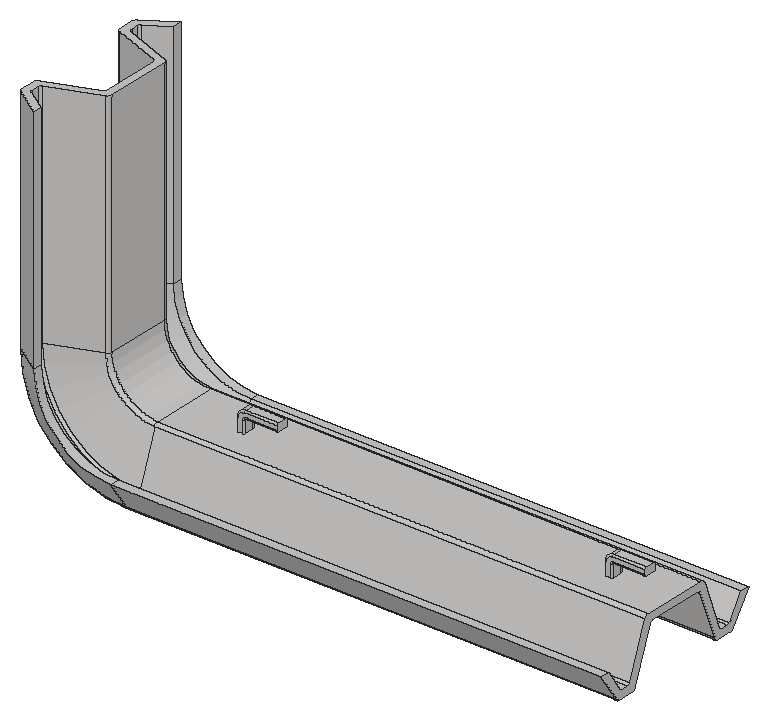
Revit family "E_Cable Tray Support_MEPcontent_OBO Bettermann_Bracket TPSAG FS", category Kabeltrassenformteile, Revit 2018
Family settings
  Bemaßung runder Anschluss = Durchmesser verwenden
  Teiletyp = Kanal - Verbindung
  OmniClass-Nummer = 23.80.30.17.17
  OmniClass-Titel = Cable Trays and Horizontal Racks
  Arbeitsebenenbasiert = Nein
  Immer vertikal = Ja
  Beim Laden mit Abzugskörper schneiden = Nein
  Gemeinsam genutzt = Nein
Parameters (values of type "TPSAG 195 FS")
  Wholesaler Art. No. = ""
  Wholesaler = ""
  Watermarked By = "www.stabiplan.com"
  Width 1 = 195.00 mm
  Width = Width 1  # 195 mm
  URL = "www.stabiplan.com"
  Tray Height [instance] = 60.00 mm
  built-in parameter 1140111 [instance] = 2.50 mm  # 0.0082021 (stored number, unit not read)
  Stabu Code = ""
  Revit Version = "2015"  # constant formula
  MEPcontent Class = "CABLE_TRAY_SUPPORT"  # constant formula
  Internal Art. No. = ""
  IFCExportType = "NOTDEFINED"  # constant formula
  IFCExportAs = "IfcCableCarrierFittingType"  # constant formula
  Function Code [instance] = ""
  Family Version = "10.14"  # constant formula
  ETIM Article Class = "EC000022"  # constant formula
  EMCS Version = "2.0"  # constant formula
  Copyright = "© Stabiplan International BV"  # constant formula
  Content Supplier URL = ""
  CB-NL Class = ""
  Article Type = if(and(Width = 145.00 mm, Height = 120.00 mm), "TPSAG 145 FS", if(and(Width = 195.00 mm, Height = 120.00 mm), "TPSAG 195 FS", if(and(Width = 245.00 mm, Height = 120.00 mm), "TPSAG 245 FS", if(and(Width = 345.00 mm, Height = 120.00 mm), "TPSAG 345 FS", "Unknown"))))  # "TPSAG 195 FS"
  Product Line = "OBO BETTERMANN CableTrays"  # constant formula
  Modell = if(and(Width = 145.00 mm, Height = 120.00 mm), "TPSAG 145 FS", if(and(Width = 195.00 mm, Height = 120.00 mm), "TPSAG 195 FS", if(and(Width = 245.00 mm, Height = 120.00 mm), "TPSAG 245 FS", if(and(Width = 345.00 mm, Height = 120.00 mm), "TPSAG 345 FS", "Unknown"))))  # "TPSAG 195 FS"
  Hersteller = "OBO BETTERMANN"  # constant formula
  Custom [instance] = if(and(Width = 145.00 mm, Height = 120.00 mm), 1 = 0, if(and(Width = 195.00 mm, Height = 120.00 mm), 1 = 0, if(and(Width = 245.00 mm, Height = 120.00 mm), 1 = 0, if(and(Width = 345.00 mm, Height = 120.00 mm), 1 = 0, 1 = 1))))  # no
  Half Tray Height [instance] = Tray Height / 2  # 30.00 mm
  Height 1 = 120.00 mm  # constant formula
  Height = Height 1  # 120 mm
  GTIN = if(and(Width = 145.00 mm, Height = 120.00 mm), "4012196627554", if(and(Width = 195.00 mm, Height = 120.00 mm), "4012196627615", if(and(Width = 245.00 mm, Height = 120.00 mm), "4012196545353", if(and(Width = 345.00 mm, Height = 120.00 mm), "4012196545292", "Unknown"))))  # "4012196627615"
  Beschreibung = "Wall and Ceiling Bracket"
  Depth = 60.00 mm  # constant formula
  Manufacturer URL = "http://catalog4.obo-bettermann.com/catalogue/catalogue.do?forward=showProductGroup&act=showIO&favOid=kts_6655&action=showManyProducts&lang=nl&OID=kts_6655&catId="
  Gray = Color RGB 189-187-185
  Manufacturer Art. No. = if(and(Width = 145.00 mm, Height = 120.00 mm), "6366015", if(and(Width = 195.00 mm, Height = 120.00 mm), "6366023", if(and(Width = 245.00 mm, Height = 120.00 mm), "6366031", if(and(Width = 345.00 mm, Height = 120.00 mm), "6366066", "Unknown"))))  # "6366023"
  Article Description = "Wall and Ceiling Bracket"
Types (3, lengths in mm): name | Width 1 | Width | Article Type | Modell | GTIN | Manufacturer Art. No.
  TPSAG 195 FS | 195.00 | 195 | "TPSAG 195 FS" | "TPSAG 195 FS" | "4012196627615" | "6366023"
  TPSAG 245 FS | 245.00 | 245 | "TPSAG 245 FS" | "TPSAG 245 FS" | "4012196545353" | "6366031"
  TPSAG 345 FS | 345.00 | 345 | "TPSAG 345 FS" | "TPSAG 345 FS" | "4012196545292" | "6366066"
Reference planes
  plane 1 "Center (Front/Back)": y = 0
  plane 2: z = 0
  plane 3 "Center (Left/Right)": x = 0
  plane 4: z = 70
  plane 5: z = -50
  plane 6: y = 30
  plane 7: y = -30
  plane 8: x = 52.5
  plane 9: x = -97.5
  plane 10: x = 22.5
  plane 11: x = 97.5
  plane 12: z = 50
  plane 13: x = -77.5
  plane 14: z = -30
  plane 15: z = 60
  plane 16: x = -87.5
  plane 17: z = -40
  plane 18: y = -10
  plane 19: y = 10
  plane 20: y = -23.34
  plane 21: y = -16.67
  plane 22: y = 23.34
  plane 23: y = 16.67
  plane 24: y = 12.5
  plane 25: y = -12.5
Forms (mm)
  Sweep 1, solid, material "Color RGB 189-187-185" <- "Gray", detail levels medium+fine
    path origin (0, 0, 0) x (1, 0, 0) y (0, 0, 1)
      loop
        line (97.5, -30) -> (-62.5, -30)
        arc (-62.5, -30) -> (-80.178, -22.678) -> (-87.5, -5) r 25
        line (-87.5, -5) -> (-87.5, 70)
    profile origin (17.5, 0, -30) x (0, 0, -1) y (0, -1, 0)
      loop
        line (0, -26.996) -> (0, -30) -> (9.331, -23.785)
        arc (9.331, -23.785) -> (9.822, -23.245) -> (10, -22.537) r 1.5
        line (10, -22.537) -> (10, -17.704)
        arc (10, -17.704) -> (9.735, -16.852) -> (9.034, -16.302) r 1.5
        line (9.034, -16.302) -> (-6.856, -10.245)
        arc (-6.856, -10.245) -> (-7.323, -9.878) -> (-7.5, -9.311) r 1
        line (-7.5, -9.311) -> (-7.5, 9.311)
        arc (-7.5, 9.311) -> (-7.323, 9.878) -> (-6.856, 10.245) r 1
        line (-6.856, 10.245) -> (9.034, 16.302)
        arc (9.034, 16.302) -> (9.735, 16.852) -> (10, 17.704) r 1.5
        line (10, 17.704) -> (10, 22.537)
        arc (10, 22.537) -> (9.822, 23.245) -> (9.331, 23.785) r 1.5
        line (9.331, 23.785) -> (0, 30) -> (0, 26.996) -> (7.054, 22.298)
        arc (7.054, 22.298) -> (7.382, 21.938) -> (7.5, 21.466) r 1
        line (7.5, 21.466) -> (7.5, 19.082)
        arc (7.5, 19.082) -> (7.323, 18.514) -> (6.856, 18.147) r 1
        line (6.856, 18.147) -> (-9.034, 12.091)
        arc (-9.034, 12.091) -> (-9.735, 11.54) -> (-10, 10.689) r 1.5
        line (-10, 10.689) -> (-10, -10.689)
        arc (-10, -10.689) -> (-9.735, -11.54) -> (-9.034, -12.091) r 1.5
        line (-9.034, -12.091) -> (6.856, -18.147)
        arc (6.856, -18.147) -> (7.323, -18.514) -> (7.5, -19.082) r 1
        line (7.5, -19.082) -> (7.5, -21.466)
        arc (7.5, -21.466) -> (7.382, -21.938) -> (7.054, -22.298) r 1
        line (7.054, -22.298) -> (0, -26.996)
  Sweep 2, solid, material "Color RGB 189-187-185" <- "Gray", detail levels medium+fine
    path origin (52.5, 0, 107.816) x (0, 0, 1) y (-1, 0, 0)
      loop
        line (-122.335, -37) -> (-122.335, -26.5)
        arc (-122.335, -26.5) -> (-122.774, -25.439) -> (-123.835, -25) r 1.5
        line (-123.835, -25) -> (-128.835, -25)
    profile origin (84.25, 0, -14.519) x (0, 0, -1) y (0, -1, 0)
      loop
        arc (-1.25, -1.5) -> (-1.104, -1.854) -> (-0.75, -2) r 0.5
        line (-0.75, -2) -> (0.75, -2)
        arc (0.75, -2) -> (1.104, -1.854) -> (1.25, -1.5) r 0.5
        line (1.25, -1.5) -> (1.25, 1.5)
        arc (1.25, 1.5) -> (1.104, 1.854) -> (0.75, 2) r 0.5
        line (0.75, 2) -> (-0.75, 2)
        arc (-0.75, 2) -> (-1.104, 1.854) -> (-1.25, 1.5) r 0.5
        line (-1.25, 1.5) -> (-1.25, -1.5)
  Sweep 3, solid, material "Color RGB 189-187-185" <- "Gray", detail levels medium+fine
    path origin (-32.5, 0, 107.816) x (0, 0, 1) y (-1, 0, 0)
      loop
        line (-122.335, -2) -> (-122.335, 8.5)
        arc (-122.335, 8.5) -> (-122.774, 9.561) -> (-123.835, 10) r 1.5
        line (-123.835, 10) -> (-128.835, 10)
    profile origin (-35.75, 0, -14.519) x (0, 0, -1) y (0, -1, 0)
      loop
        arc (-1.25, -1.5) -> (-1.104, -1.854) -> (-0.75, -2) r 0.5
        line (-0.75, -2) -> (0.75, -2)
        arc (0.75, -2) -> (1.104, -1.854) -> (1.25, -1.5) r 0.5
        line (1.25, -1.5) -> (1.25, 1.5)
        arc (1.25, 1.5) -> (1.104, 1.854) -> (0.75, 2) r 0.5
        line (0.75, 2) -> (-0.75, 2)
        arc (-0.75, 2) -> (-1.104, 1.854) -> (-1.25, 1.5) r 0.5
        line (-1.25, 1.5) -> (-1.25, -1.5)
Cuts and joins
  joined: Sweep 1, Sweep 2, Sweep 3
Lines and regions (mm)
  model lines, style "Fittings", detail levels coarse
    curve 1: line (97.5, 0, -40) -> (-87.5, 0, -40)
    curve 2: line (-87.5, 0, 70) -> (-87.5, 0, -40)
Dimensions and locks
  equal spacing: plane 6, plane 1 "Center (Front/Back)", plane 7
  "Depth": plane 6 to plane 7
  "Height": plane 4 to plane 5
  locked: plane 9 to plane 10 at 120
  equal spacing: plane 9, plane 3 "Center (Left/Right)", plane 11
  "Width": plane 9 to plane 11
  locked: plane 4 to plane 12 at 20
  locked: plane 9 to plane 13 at 20
  locked: plane 14 to plane 5 at 20
  equal spacing: plane 4, plane 15, plane 12
  equal spacing: plane 9, plane 16, plane 13
  equal spacing: plane 14, plane 17, plane 5
  equal spacing: plane 18, profile plane, plane 19
  locked: plane 18 to plane 19 at 20
  locked: plane 21 to plane 18 at 6.67
  equal spacing: plane 20, plane 21, plane 18
  plane 20 to plane 21 = 6.67 mm
  plane 22 to plane 23 = 6.67 mm
  equal spacing: plane 19, plane 23, plane 22
  plane 19 to plane 23 = 6.67 mm
  "Half Tray Height": level to plane 14
  locked: Sweep 2 sketch curve to Sweep 2 sketch curve at 12
  locked: Sweep 2 sketch curve to Sweep 2 sketch curve at 4
  locked: Sweep 2 sketch curve to Sweep 2 sketch curve at 2.5
  equal spacing: Sweep 2 sketch curve, profile plane, Sweep 2 sketch curve
  Sweep 2 sketch curve to Sweep 2 sketch curve = 4.00 mm
  Sweep 2 sketch curve to Sweep 2 sketch curve = 6.50 mm
  locked: plane 11 to Sweep 2 sketch curve at 20
  locked: Sweep 3 sketch curve to Sweep 3 sketch curve at 12
  locked: Sweep 3 sketch curve to Sweep 3 sketch curve at 4
  locked: Sweep 3 sketch curve to Sweep 3 sketch curve at 2.5
  equal spacing: Sweep 3 sketch curve, profile plane, Sweep 3 sketch curve
  Sweep 3 sketch curve to Sweep 3 sketch curve = 4.00 mm
  Sweep 3 sketch curve to Sweep 3 sketch curve = 6.50 mm
  locked: plane 9 to Sweep 3 sketch curve at 55
  radius of Sweep 1 sketch curve = 1.50 mm  (x7)
  radius of Sweep 1 sketch curve = 1.00 mm  (x6)
  radius of Sweep 1 sketch curve = 25.00 mm
  radius of Sweep 2 sketch curve = 1.50 mm
  radius of Sweep 3 sketch curve = 1.50 mm
  aligned and locked: level to plane 2
  aligned and locked: plane 17 to curve 2
  aligned and locked: plane 16 to curve 1
  aligned and locked: plane 11 to curve 1
  aligned and locked: plane 4 to Sweep 1 sketch curve
  aligned and locked: plane 16 to Sweep 1 sketch curve
  aligned and locked: plane 4 to curve 2
Automatic sketch dimensions
  Sweep 1 sketch curve to plane 11 = 0.00 mm
  Sweep 1 sketch curve to plane 14 = 0.00 mm
  Sweep 1 sketch curve to profile plane = 0.00 mm  (x2)
  plane 19 to Sweep 1 sketch curve = 0.689 mm
  profile plane to Sweep 1 sketch curve = 6.50 mm
  Sweep 1 sketch curve to plane 19 = 0.245 mm
  Sweep 1 sketch curve to plane 18 = 0.245 mm
  Sweep 1 sketch curve to Sweep 1 sketch curve = 0.356 mm
  Sweep 1 sketch curve to plane 19 = 0.689 mm
  Sweep 1 sketch curve to Sweep 1 sketch curve = 1.644 mm  (x2)
  Sweep 1 sketch curve to plane 24 = 0.409 mm
  Sweep 1 sketch curve to plane 25 = 0.409 mm
  Sweep 1 sketch curve to Sweep 1 sketch curve = 0.534 mm  (x3)
  Sweep 1 sketch curve to plane 21 = 2.412 mm
  Sweep 1 sketch curve to profile plane = 6.50 mm  (x2)
  Sweep 1 sketch curve to plane 23 = 2.412 mm
  Sweep 1 sketch curve to plane 23 = 1.477 mm
  Sweep 1 sketch curve to plane 21 = 1.477 mm
  plane 22 to Sweep 1 sketch curve = 1.042 mm
  Sweep 1 sketch curve to Sweep 1 sketch curve = 0.446 mm  (x2)
  plane 20 to Sweep 1 sketch curve = 1.042 mm
  Sweep 1 sketch curve to Sweep 1 sketch curve = 1.446 mm
  plane 21 to Sweep 1 sketch curve = 0.368 mm
  plane 23 to Sweep 1 sketch curve = 0.368 mm
  Sweep 1 sketch curve to plane 22 = 0.445 mm
  Sweep 1 sketch curve to Sweep 1 sketch curve = 0.669 mm  (x2)
  Sweep 1 sketch curve to plane 20 = 0.445 mm
  Sweep 1 sketch curve to plane 22 = 3.656 mm
  Sweep 1 sketch curve to Sweep 1 sketch curve = 3.004 mm  (x2)
  Sweep 1 sketch curve to plane 20 = 3.656 mm
  plane 14 to Sweep 2 sketch curve = 13.981 mm
  Sweep 2 sketch curve to Sweep 2 sketch curve = 0.50 mm  (x4)
  Sweep 2 sketch curve to profile plane = 2.00 mm
  plane 14 to Sweep 3 sketch curve = 13.981 mm
  Sweep 3 sketch curve to Sweep 3 sketch curve = 0.50 mm  (x4)
  Sweep 3 sketch curve to profile plane = 2.00 mm
